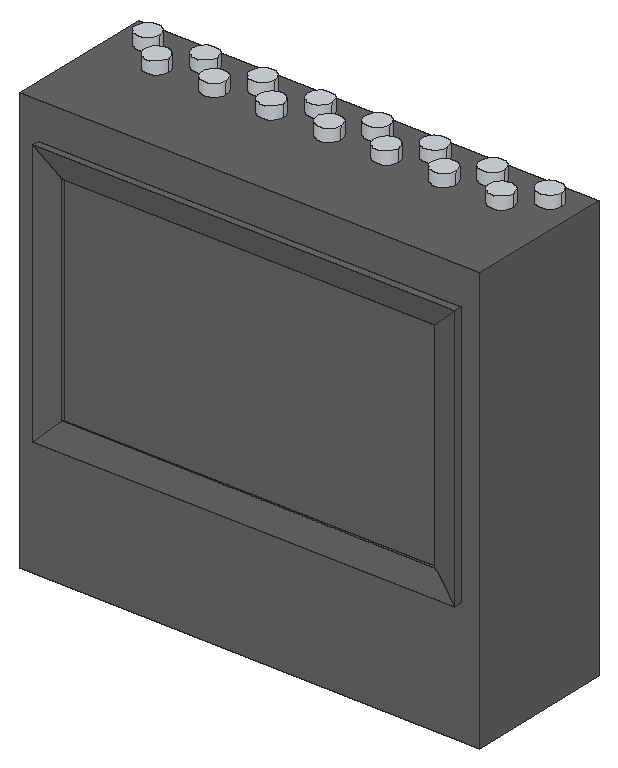
Revit family "HoneyWell-RP1r-Supra-VSN-RP1r-ESS-RP1r-Supra", category Electrical Equipment, Revit 2013
Parameters (values of type "ESS-RP1r-Supra")
  Width = 381 mm
  Weight(NoBatteries) = 4
  Weight(Batteries) = 9.3
  Wattage = "65"
  Voltage = "230"
  VSN-4REL = yes
  VSN-232 = yes
  URL = "https://www.notifier.es/documentacion/notifier/manuales/HLSI-MN-103I_RP1r-Supra_lr.pdf"
  UCIP = yes
  TactileDisplay = yes
  TG-RP1r = yes
  TG-IP-1 = yes
  SymbolDistance [instance] = 219.572 mm
  StandByConsumption = 125.0 mA
  RelativeHumidity(RH) = "95% max"
  PowerFactor = 1
  PanelMaterial = Steel,Black
  OutputLoads = "máx. 1 A @ 30 Vdc"
  OperationTemperature(Interior) = "-5ºC to -40ºC"
  OPC-RP1r = yes
  NumberOfPoles [instance] = 1
  Model = "ESS-RP1r-Supra"
  MaxPower(EmergencySupply) = "2.4A (65W)"
  MaxElectricalCurrent = "28Vdc ±100 mV"
  Manufacturer = "Honeywell"
  MainPowerFuse = "T4AL-250V (4A)"
  LoadClassification [instance] = Other
  InternalClock = "RTC (CR2016/CR2025/CR2032) - 1000 Events Record"
  ITAC = yes
  IPRating = "IP30"
  Homologation = "UNE-EN 12094-1:2004, UNE-EN 54-2 y UNE-EN 54-4/A2:2006"
  Height = 353 mm
  GeometryVisible [instance] = yes
  Frequency (Hz) = "50/60 Hz"
  FireAlarmText [instance] = "FACP"
  FireAlarmSymbol [instance] = yes
  FPSounderCircuits = "2x Monitored output circuits for sounders (2 x 250mA)"
  FPReleaseCircuits = "2x Monitored output circuits for extinguishing (2 x 1A)"
  FPDetection Zones = "2x Convencional detectors; 1x Configurable zone for detector or manual call point"
  FPBuzzer = "SPL min = 60dBA at 1m"
  FPAuxiliaryRelayOutputs = "1x General fault relay; 3x Release status relays; 3x Operating mode relays"
  FPAuxiliaryInputsContacts = "2x Manual release call points; 1x Hold device connection; 1x Abort emergency connection; 3x Technical alarm contacts"
  EmergencySupply = 24 V
  ElectricClassification = "Class 1 (Earthing required)"
  DigitalInput = yes
  Description = "Extinguishing Control Panel"
  Depth = 123 mm
  Connector(V) = "115/230 V"
  ConduitRadius [instance] = ConduitDiameter / 2  # 10 mm
  ConduitDiameter [instance] = 20 mm
  CharguerCurrent = 300.0 mA
  CableTrayWidth [instance] = 60 mm
  CableTrayHeight [instance] = 300 mm
  CPD-Certification = "1134-CPD-045"
  COMPorts = "2xRS-232; 1x ICseries; 1xUSB"
  COMDigitalInput = "1xNA/NC Config Digital Input"
  BoxMaterial = Steel,Black
  BatteryResistivity = 0.0700 ohm·m
  Batteries = "2 x (12V-7Ah)"
  Assembly Code = "D5030700"
  ApparentLoad = 65 VA
  AmbientClass = "A-Class"
Types (4, lengths in mm): name | TactileDisplay | PanelMaterial | Model | FireAlarmText | Connector(V) | ConduitRadius | ConduitDiameter | CableTrayWidth | BoxMaterial
  (no name) | yes | Steel,Black | "ESS-RP1r-Supra" | "FACP" | "115/230 V" | 10 | 20 | 60 | Steel,Black
  RP1r-Supra | yes | Steel,Black | "RP1r-Supra" | "Extinguising / Release Panel" | "230/115 V" | 5 | 10 | 300 | Steel,Black
  VSN-RP1r+ | no | none | "VSN-RP1r+" | "FACP" | "115/230 V" | 5 | 10 | 300 | none
  ESS-RP1r-Supra | yes | Steel,Black | "ESS-RP1r-Supra" | "FACP" | "115/230 V" | 10 | 20 | 60 | Steel,Black
Values of the unnamed type that differ from the named types
  BatteryResistivity = 2.472 (stored number, unit not read)
Reference planes
  plane 1 "Center (Front/Back)": y = 0
  plane 2: z = 0
  plane 3 "Center (Left/Right)": x = 0
  plane 4: x = -190.5
  plane 5: x = 190.5
  plane 6 "TopPlane": z = 353
  plane 7 "BackPlane": y = 61.5
  plane 8 "FrontPlane": y = -61.5
  plane 9: x = -154.78
  plane 10: x = 154.78
  plane 11: z = 302.626
  plane 12: z = 122.626
  plane 13: y = 41
  plane 14: y = 20.5
  plane 15: x = -166.687
  plane 16: x = -142.875
  plane 17: x = -119.062
  plane 18: x = -95.25
  plane 19: x = -71.437
  plane 20: x = -47.625
  plane 21: x = -23.812
  plane 22: x = 0
  plane 23: x = 23.813
  plane 24: x = 47.625
  plane 25: x = 71.438
  plane 26: x = 95.25
  plane 27: x = 119.063
  plane 28: x = 142.875
  plane 29: x = 166.688
  plane 30: y = -219.572
  plane 31: x = 152.4
  plane 32: x = 114.3
  plane 33: x = 76.2
  plane 34: x = 38.1
  plane 35: x = -38.1
  plane 36: x = -76.2
  plane 37: x = -114.3
  plane 38: x = -152.4
  plane 39: z = 328
Forms (mm)
  Extrusion 1, solid, material "Steel,Black" <- "BoxMaterial", visible <- "GeometryVisible"
    sketch origin (0, 0, 0) x (1, 0, 0) y (0, 0, 1)
      loop
        line (-190.5, 353) -> (-190.5, 0) -> (190.5, 0) -> (190.5, 353) -> (-190.5, 353)
    from -61.5 to 61.5
  Sweep 2, solid, material "Steel,Black" <- "PanelMaterial", visible <- "GeometryVisible"
    path origin (0, -61.5, 0) x (-1, 0, 0) y (0, 0, 1)
      loop
        line (154.78, 302.626) -> (-154.78, 302.626) -> (-154.78, 122.626) -> (154.78, 122.626) -> (154.78, 302.626)
    profile origin (0, -61.5, 302.626) x (0, 0, 1) y (0, -1, 0)
      loop
        line (0, 0) -> (20, 0) -> (20, 6.619) -> (0, 1.632) -> (0, 0)
  Extrusion 3, solid, visible <- "GeometryVisible"
    sketch origin (0, 0, 353) x (-1, 0, 0) y (0, -1, 0)
      loop
        circle (166.687, -41) r 10
      loop
        circle (-166.688, -41) r 10
      loop
        circle (-142.875, -20.5) r 10
      loop
        circle (-119.063, -41) r 10
      loop
        circle (-95.25, -20.5) r 10
      loop
        circle (142.875, -20.5) r 10
      loop
        circle (119.062, -41) r 10
      loop
        circle (95.25, -20.5) r 10
      loop
        circle (71.437, -41) r 10
      loop
        circle (47.625, -20.5) r 10
      loop
        circle (23.812, -41) r 10
      loop
        circle (0, -20.5) r 10
      loop
        circle (-23.813, -41) r 10
      loop
        circle (-71.438, -41) r 10
      loop
        circle (-47.625, -20.5) r 10
    from 0 to 10
  Extrusion 4, solid
    sketch origin (0, 61.5, 0) x (-1, 0, 0) y (0, 0, 1)
      loop
        circle (-152.4, 328) r 10
      loop
        circle (-114.3, 328) r 10
      loop
        circle (-76.2, 327.626) r 10
      loop
        circle (-38.1, 328) r 10
      loop
        circle (38.1, 328) r 10
      loop
        circle (76.2, 328) r 10
      loop
        circle (114.3, 328) r 10
      loop
        circle (152.4, 328) r 10
    from 0 to 10
Dimensions and locks
  equal spacing: plane 5, plane 3 "Center (Left/Right)", plane 4
  "Width": plane 5 to plane 4
  equal spacing: plane 7 "BackPlane", plane 1 "Center (Front/Back)", plane 8 "FrontPlane"
  "Depth": plane 7 "BackPlane" to plane 8 "FrontPlane"
  "Height": plane 6 "TopPlane" to level
  equal spacing: plane 10, plane 3 "Center (Left/Right)", plane 9
  locked: plane 10 to plane 9 at 309.56
  plane 6 "TopPlane" to plane 11 to plane 12 = 50.374 mm locked, 180 mm locked
  Sweep 2 sketch curve to Sweep 2 sketch curve = 20 mm
  equal spacing: plane 1 "Center (Front/Back)", plane 14, plane 13, plane 7 "BackPlane"
  "SymbolDistance": plane 30 to plane 1 "Center (Front/Back)"
  equal spacing: plane 4, plane 15, plane 16, plane 17, plane 18, plane 19, plane 20, plane 21, plane 22, plane 23, plane 24, plane 25, plane 26, plane 27, plane 28, plane 29, plane 5
  equal spacing: plane 3 "Center (Left/Right)", plane 34, plane 33, plane 32, plane 31, plane 5
  equal spacing: plane 3 "Center (Left/Right)", plane 35, plane 36, plane 37, plane 38, plane 4
  locked: plane 39 to plane 6 "TopPlane" at 25
  "ConduitDiameter": diameter of Extrusion 3 sketch curve  (x15)
  "ConduitDiameter": diameter of Extrusion 4 sketch curve  (x8)
  aligned and locked: Extrusion 1 sketch curve to plane 6 "TopPlane"
  aligned and locked: plane 4 to Extrusion 1 sketch curve
  aligned and locked: level to Extrusion 1 sketch curve
  aligned and locked: plane 5 to Extrusion 1 sketch curve
  aligned and locked: plane 8 "FrontPlane" to Extrusion 1
  aligned and locked: plane 7 "BackPlane" to Extrusion 1
  aligned and locked: Sweep 2 sketch curve to plane 11
  aligned and locked: plane 9 to Sweep 2 sketch curve
  aligned and locked: plane 12 to Sweep 2 sketch curve
  aligned and locked: plane 10 to Sweep 2 sketch curve
  aligned and locked: Sweep 2 to plane 8 "FrontPlane"
  aligned and locked: plane 3 "Center (Left/Right)" to nested 1
  aligned and locked: nested 1 to plane 30
Automatic sketch dimensions
  profile plane to Sweep 2 sketch curve = 0 mm
  plane 1 "Center (Front/Back)" to Sweep 2 sketch curve = 61.5 mm
  plane 1 "Center (Front/Back)" to Sweep 2 sketch curve = 68.119 mm
  plane 1 "Center (Front/Back)" to Sweep 2 sketch curve = 63.132 mm
  Extrusion 3 sketch curve to plane 13 = 0 mm  (x8)
  Extrusion 3 sketch curve to plane 29 = 0 mm
  Extrusion 3 sketch curve to plane 14 = 0 mm  (x7)
  Extrusion 3 sketch curve to plane 28 = 0 mm
  Extrusion 3 sketch curve to plane 27 = 0 mm
  Extrusion 3 sketch curve to plane 26 = 0 mm
  Extrusion 3 sketch curve to plane 25 = 0 mm
  Extrusion 3 sketch curve to plane 24 = 0 mm
  Extrusion 3 sketch curve to plane 23 = 0 mm
  Extrusion 3 sketch curve to plane 3 "Center (Left/Right)" = 0 mm
  Extrusion 3 sketch curve to plane 21 = 0 mm
  Extrusion 3 sketch curve to plane 20 = 0 mm
  Extrusion 3 sketch curve to plane 19 = 0 mm
  Extrusion 3 sketch curve to plane 18 = 0 mm
  Extrusion 3 sketch curve to plane 17 = 0 mm
  Extrusion 3 sketch curve to plane 16 = 0 mm
  Extrusion 3 sketch curve to plane 15 = 0 mm
  plane 31 to Extrusion 4 sketch curve = 0 mm
  plane 32 to Extrusion 4 sketch curve = 0 mm
  plane 33 to Extrusion 4 sketch curve = 0 mm
  plane 34 to Extrusion 4 sketch curve = 0 mm
  plane 35 to Extrusion 4 sketch curve = 0 mm
  plane 36 to Extrusion 4 sketch curve = 0 mm
  plane 37 to Extrusion 4 sketch curve = 0 mm
  plane 38 to Extrusion 4 sketch curve = 0 mm
  Extrusion 4 sketch curve to plane 39 = 0 mm  (x7)
  Extrusion 4 sketch curve to plane 39 = 0.374 mm
Nested families
  nested 1: "FACPGenericAnnotation" at (0, -219.572, 0), visible <- "FireAlarmSymbol", type "FACPGenericAnnotation"
Connectors
  electrical at (0, 61.5, 176.5), driven by "NumberOfPoles", driven by "LoadClassification", driven by "ApparentLoad", driven by "PowerFactor"
    settings: on Extrusion 1, index 1, voltage 230 V, apparent load 65 VA, apparent load phase1 0 VA, apparent load phase2 0 VA, apparent load phase3 0 VA, power factor 1, load classification "Other", number of poles 1, system type 30, power factor state 1, is connector primary yes, connector utility no, sub classification motor no, connector description "110/230 Vac +-15%, 50/60 Hz"
  electrical at (0, -61.5, 176.5)
    settings: on Extrusion 1, index 2, voltage 0 V, apparent load 0 VA, apparent load phase1 0 VA, apparent load phase2 0 VA, apparent load phase3 0 VA, power factor 1, load classification "Other", number of poles 1, system type 11, power factor state 1, is connector primary no, connector utility no, sub classification motor no, connector description ""
  electrical at (0, 0, 353), driven by "DigitalInput"
    settings: on Extrusion 1, index 3, voltage 0 V, apparent load 0 VA, apparent load phase1 0 VA, apparent load phase2 0 VA, apparent load phase3 0 VA, power factor 1, load classification "Other", number of poles 1, system type 13, power factor state 1, is connector primary no, connector utility yes, sub classification motor no, connector description "Control functionalities by exteral"
  cabletrayconduit at (-166.687, 41, 363), driven by "ConduitRadius"
    settings: on Extrusion 3, index 4, connector width 300 mm, connector height 300 mm, connector radius 10 mm, connector angle 0.00°, system type 32, placement type 0, profile type 0, connector reference index -1, is primary connector yes, connector utility param no, connector description ""
  cabletrayconduit at (95.25, 20.5, 363), driven by "ConduitRadius"
    settings: on Extrusion 3, index 5, connector width 300 mm, connector height 300 mm, connector radius 10 mm, connector angle 0.00°, system type 32, placement type 0, profile type 0, connector reference index -1, is primary connector no, connector utility param no, connector description ""
  cabletrayconduit at (119.063, 41, 363), driven by "ConduitRadius"
    settings: on Extrusion 3, index 6, connector width 300 mm, connector height 300 mm, connector radius 10 mm, connector angle 0.00°, system type 32, placement type 0, profile type 0, connector reference index -1, is primary connector no, connector utility param no, connector description ""
  cabletrayconduit at (166.688, 41, 363), driven by "ConduitRadius"
    settings: on Extrusion 3, index 7, connector width 300 mm, connector height 300 mm, connector radius 10 mm, connector angle 0.00°, system type 32, placement type 0, profile type 0, connector reference index -1, is primary connector no, connector utility param no, connector description ""
  cabletrayconduit at (142.875, 20.5, 363), driven by "ConduitRadius"
    settings: on Extrusion 3, index 8, connector width 300 mm, connector height 300 mm, connector radius 10 mm, connector angle 0.00°, system type 32, placement type 0, profile type 0, connector reference index -1, is primary connector no, connector utility param no, connector description ""
  cabletrayconduit at (-166.687, 41, 363), driven by "ConduitRadius"
    settings: on Extrusion 3, index 9, connector width 300 mm, connector height 300 mm, connector radius 10 mm, connector angle 0.00°, system type 32, placement type 0, profile type 0, connector reference index -1, is primary connector no, connector utility param no, connector description ""
  cabletrayconduit at (190.5, 0, 176.5), driven by "CableTrayHeight", driven by "CableTrayWidth"
    settings: on Extrusion 1, index 10, connector width 60 mm, connector height 300 mm, connector radius 300 mm, connector angle 0.00°, system type 32, placement type 0, profile type 1, connector reference index -1, is primary connector no, connector utility param no, connector description ""
  cabletrayconduit at (0, 0, 0)
    settings: on Extrusion 1, index 11, connector width 300 mm, connector height 300 mm, connector radius 300 mm, connector angle 0.00°, system type 32, placement type 0, profile type 1, connector reference index -1, is primary connector no, connector utility param no, connector description ""
  cabletrayconduit at (-190.5, 0, 176.5)
    settings: on Extrusion 1, index 12, connector width 300 mm, connector height 300 mm, connector radius 300 mm, connector angle 0.00°, system type 32, placement type 0, profile type 1, connector reference index -1, is primary connector no, connector utility param no, connector description ""
  cabletrayconduit at (-142.875, 20.5, 363), driven by "ConduitRadius"
    settings: on Extrusion 3, index 13, connector width 300 mm, connector height 300 mm, connector radius 10 mm, connector angle 0.00°, system type 32, placement type 0, profile type 0, connector reference index -1, is primary connector no, connector utility param no, connector description ""
  cabletrayconduit at (-119.062, 41, 363), driven by "ConduitRadius"
    settings: on Extrusion 3, index 14, connector width 300 mm, connector height 300 mm, connector radius 10 mm, connector angle 0.00°, system type 32, placement type 0, profile type 0, connector reference index -1, is primary connector no, connector utility param no, connector description ""
  cabletrayconduit at (-95.25, 20.5, 363), driven by "ConduitRadius"
    settings: on Extrusion 3, index 15, connector width 300 mm, connector height 300 mm, connector radius 10 mm, connector angle 0.00°, system type 32, placement type 0, profile type 0, connector reference index -1, is primary connector no, connector utility param no, connector description ""
  cabletrayconduit at (-71.437, 41, 363), driven by "ConduitRadius"
    settings: on Extrusion 3, index 16, connector width 300 mm, connector height 300 mm, connector radius 10 mm, connector angle 0.00°, system type 32, placement type 0, profile type 0, connector reference index -1, is primary connector no, connector utility param no, connector description ""
  cabletrayconduit at (-47.625, 20.5, 363), driven by "ConduitRadius"
    settings: on Extrusion 3, index 17, connector width 300 mm, connector height 300 mm, connector radius 10 mm, connector angle 0.00°, system type 32, placement type 0, profile type 0, connector reference index -1, is primary connector no, connector utility param no, connector description ""
  cabletrayconduit at (-23.812, 41, 363), driven by "ConduitRadius"
    settings: on Extrusion 3, index 18, connector width 300 mm, connector height 300 mm, connector radius 10 mm, connector angle 0.00°, system type 32, placement type 0, profile type 0, connector reference index -1, is primary connector no, connector utility param no, connector description ""
  cabletrayconduit at (0, 20.5, 363), driven by "ConduitRadius"
    settings: on Extrusion 3, index 19, connector width 300 mm, connector height 300 mm, connector radius 10 mm, connector angle 0.00°, system type 32, placement type 0, profile type 0, connector reference index -1, is primary connector no, connector utility param no, connector description ""
  cabletrayconduit at (23.813, 41, 363), driven by "ConduitRadius"
    settings: on Extrusion 3, index 20, connector width 300 mm, connector height 300 mm, connector radius 10 mm, connector angle 0.00°, system type 32, placement type 0, profile type 0, connector reference index -1, is primary connector no, connector utility param no, connector description ""
  cabletrayconduit at (71.438, 41, 363), driven by "ConduitRadius"
    settings: on Extrusion 3, index 21, connector width 300 mm, connector height 300 mm, connector radius 10 mm, connector angle 0.00°, system type 32, placement type 0, profile type 0, connector reference index -1, is primary connector no, connector utility param no, connector description ""
  cabletrayconduit at (47.625, 20.5, 363), driven by "ConduitRadius"
    settings: on Extrusion 3, index 22, connector width 300 mm, connector height 300 mm, connector radius 10 mm, connector angle 0.00°, system type 32, placement type 0, profile type 0, connector reference index -1, is primary connector no, connector utility param no, connector description ""
  cabletrayconduit at (152.4, 71.5, 328), driven by "ConduitRadius"
    settings: on Extrusion 4, index 23, connector width 300 mm, connector height 300 mm, connector radius 10 mm, connector angle 0.00°, system type 32, placement type 0, profile type 0, connector reference index -1, is primary connector no, connector utility param no, connector description ""
  cabletrayconduit at (114.3, 71.5, 328), driven by "ConduitRadius"
    settings: on Extrusion 4, index 24, connector width 300 mm, connector height 300 mm, connector radius 10 mm, connector angle 0.00°, system type 32, placement type 0, profile type 0, connector reference index -1, is primary connector no, connector utility param no, connector description ""
  cabletrayconduit at (76.2, 71.5, 327.626), driven by "ConduitRadius"
    settings: on Extrusion 4, index 25, connector width 300 mm, connector height 300 mm, connector radius 10 mm, connector angle 0.00°, system type 32, placement type 0, profile type 0, connector reference index -1, is primary connector no, connector utility param no, connector description ""
  cabletrayconduit at (38.1, 71.5, 328), driven by "ConduitRadius"
    settings: on Extrusion 4, index 26, connector width 300 mm, connector height 300 mm, connector radius 10 mm, connector angle 0.00°, system type 32, placement type 0, profile type 0, connector reference index -1, is primary connector no, connector utility param no, connector description ""
  cabletrayconduit at (-38.1, 71.5, 328), driven by "ConduitRadius"
    settings: on Extrusion 4, index 27, connector width 300 mm, connector height 300 mm, connector radius 10 mm, connector angle 0.00°, system type 32, placement type 0, profile type 0, connector reference index -1, is primary connector no, connector utility param no, connector description ""
  cabletrayconduit at (-76.2, 71.5, 328), driven by "ConduitRadius"
    settings: on Extrusion 4, index 28, connector width 300 mm, connector height 300 mm, connector radius 10 mm, connector angle 0.00°, system type 32, placement type 0, profile type 0, connector reference index -1, is primary connector no, connector utility param no, connector description ""
  cabletrayconduit at (-114.3, 71.5, 328), driven by "ConduitRadius"
    settings: on Extrusion 4, index 29, connector width 300 mm, connector height 300 mm, connector radius 10 mm, connector angle 0.00°, system type 32, placement type 0, profile type 0, connector reference index -1, is primary connector no, connector utility param no, connector description ""
  cabletrayconduit at (-152.4, 71.5, 328), driven by "ConduitRadius"
    settings: on Extrusion 4, index 30, connector width 300 mm, connector height 300 mm, connector radius 10 mm, connector angle 0.00°, system type 32, placement type 0, profile type 0, connector reference index -1, is primary connector no, connector utility param no, connector description ""
Definition of nested family "FACPGenericAnnotation"
  Parameters (values of type "FACPGenericAnnotation")
    TextVisible = yes
    Text = "FACP"
    SymbolWidth = 20 mm
    SymbolHeight = 10 mm
  Reference planes
    plane 1: y = 0
    plane 2: x = 0
  Lines and regions (mm)
    reference lines
      curve 1: line (-10, 22.144, 0) -> (-10, -44.731, 0)
      curve 2: line (10, 22.144, 0) -> (10, -44.731, 0)
      curve 3: line (-60.262, 5, 0) -> (39.332, 5, 0)
      curve 4: line (-60.262, -5, 0) -> (39.332, -5, 0)
    detail lines, style "PanelSymbol"
      curve 5: line (-10, 5, 0) -> (10, 5, 0)
      curve 6: line (-10, -5, 0) -> (-10, 5, 0)
      curve 7: line (10, -5, 0) -> (-10, -5, 0)
      curve 8: line (10, 5, 0) -> (10, -5, 0)
  Text (mm)
    text "FACP" at (0.388, 2.252, 0), visible <- "TextVisible"
  Dimensions and locks
    equal spacing: curve 1, plane 2, curve 2
    "SymbolWidth": curve 1 to curve 2
    equal spacing: curve 4, plane 1, curve 3
    "SymbolHeight": curve 4 to curve 3
    aligned and locked: curve 3 to curve 5
    aligned and locked: curve 6 to curve 1
    aligned and locked: curve 7 to curve 4
    aligned and locked: curve 2 to curve 8
  Automatic sketch dimensions
    curve 3 to curve 1 = 50.262 mm
    curve 4 to curve 3 = 0 mm
    plane 2 to curve 4 = 39.332 mm
    curve 3 to curve 4 = 0 mm
    plane 1 to curve 2 = 44.731 mm
    curve 1 to curve 2 = 0 mm  (x2)
    curve 2 to plane 1 = 22.144 mm
